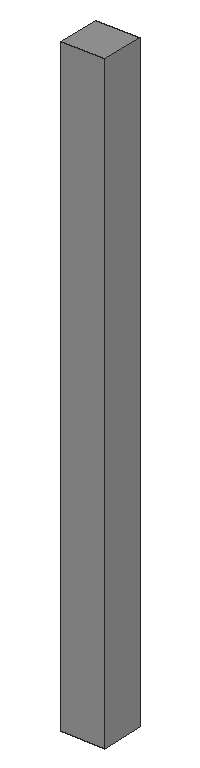
Revit family "Reshoring Poles 6x6", category Columns, Revit 2021
Family settings
  Work Plane-Based = No
  Cut with Voids When Loaded = No
  Automatically joins geometry to walls = No
  Shared = Yes
  Show family pre-cut in plan views = Yes
Parameters (values of type "6x6")
  Pour Name [instance] = ""
  Model = "6X6"
  Min. Height = 0' - 0"
  Max. Height = 20' - 6"
  Lookup_Table = "Lookup_6x6"
  Load Set [instance] = 1.00 lbf
  Load Capacity [instance] = Load Set * Load Calc  # 14949.57 lbf
  Height_Lookup [instance] = rounddown(Height / 0' 1") * 0' 1"  # 6' - 5"
  Load Calc [instance] = size_lookup(Lookup_Table, "Capacity", 0, Height_Lookup)  # 14949.5676
  Height Calc [instance] = if(Height < Min. Height, Min. Height, if(Height < Max. Height, Height, Max. Height))  # 6' - 5 77/128"
  Height [instance] = 6' - 5 77/128"
  Default Elevation = 0' - 0"
  Clear Shore Height [instance] = 6' - 5 77/128"
Reference planes (in)
  plane 1 "Center (Front/Back)": y = 0
  plane 2 "Bottom": z = 0
  plane 3 "Center (Left/Right)": x = 0
  plane 4 "Top": z = 77.60156
Forms (in)
  Extrusion 1, solid, material "Wood"
    sketch origin (0, 0, 0) x (1, 0, 0) y (0, 1, 0)
      loop
        line (-2.75, 2.75) -> (-2.75, -2.75) -> (2.75, -2.75) -> (2.75, 2.75) -> (-2.75, 2.75)
    from 0 to 77.60156
Lines and regions (in)
  reference lines
    curve 1: line (0, 0, 0) -> (0, 0, 77.60156)
Dimensions and locks (in)
  "Height Calc": plane 4 "Top" to plane 2 "Bottom"
  "Clear Shore Height": plane 4 "Top" to level
  Extrusion 1 sketch curve to Extrusion 1 sketch curve = 0' - 5 1/2"
  locked: Extrusion 1 sketch curve to Extrusion 1 sketch curve at 5.5
  equal spacing: Extrusion 1 sketch curve, plane 1 "Center (Front/Back)", Extrusion 1 sketch curve, locked at 2.75 each
  equal spacing: Extrusion 1 sketch curve, plane 3 "Center (Left/Right)", Extrusion 1 sketch curve, locked at 2.75 each
  aligned and locked: plane 2 "Bottom" to level
  aligned and locked: plane 4 "Top" to Extrusion 1
  aligned and locked: Extrusion 1 to plane 2 "Bottom"
  aligned and locked: level to curve 1
  aligned and locked: plane 4 "Top" to curve 1
  aligned and locked: plane 3 "Center (Left/Right)" to curve 1
